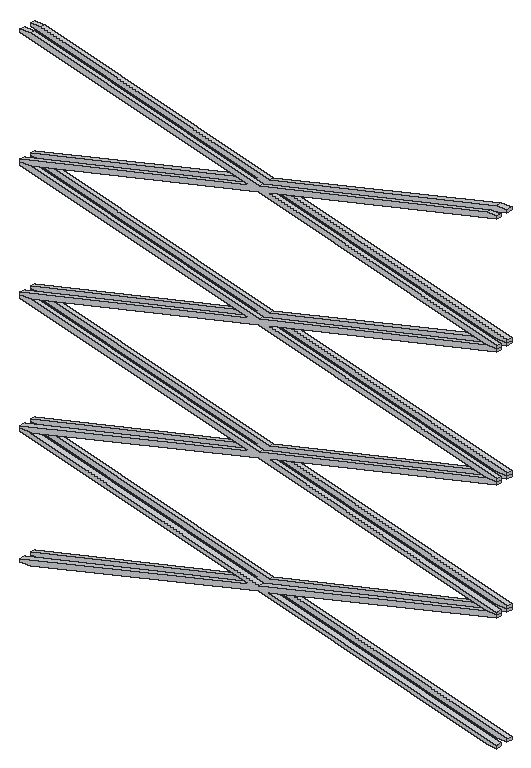
Revit family "M_Padrão do montante_diamante_4x1", category Modelos genéricos, Revit 2019
Family settings
  Pode hospedar o vergalhão = Não
  Cota do conector redondo = Utilizar diâmetro
  Tipo de parte = Normal
  Com base no plano de trabalho = Não
  Sempre na vertical = Sim
  Corte com vazios quando carregada = Não
  Compartilhado = Sim
  Ponto de cálculo do ambiente = Não
Parameters
  Largura [instance] = 1200 mm
  Espessura = 12.7 mm
  Altura [instance] = 1200 mm
  Material interior [instance] = none
  Material externo [instance] = none
  Distância = 19.05 mm
Reference planes
  plane 1 "Centro (Frente/Trás)": y = 0
  plane 2: z = 0
  plane 3 "Centro (Esquerda/Direita)": x = 0
  plane 4: z = 1200
  plane 5: x = -600
  plane 6: x = 600
  plane 7: z = 600
  plane 8: z = 900
  plane 9: z = 300
Dimensions and locks
  equal spacing: plane 6, plane 3 "Centro (Esquerda/Direita)", plane 5
  "Largura": plane 6 to plane 5
  "Altura": plane 4 to plane 2
  equal spacing: plane 4, plane 8, plane 7, plane 9, plane 2
  aligned and locked: plane 2 to level
  aligned and locked: plane 1 "Centro (Frente/Trás)" to nested 1
  aligned and locked: plane 1 "Centro (Frente/Trás)" to nested 2
  aligned and locked: plane 1 "Centro (Frente/Trás)" to nested 3
  aligned and locked: plane 1 "Centro (Frente/Trás)" to nested 4
  aligned and locked: plane 4 to nested 1
  aligned and locked: plane 8 to nested 1
  aligned and locked: plane 8 to nested 3
  aligned and locked: plane 7 to nested 3
  aligned and locked: plane 7 to nested 2
  aligned and locked: plane 9 to nested 2
  aligned and locked: plane 9 to nested 4
  aligned and locked: plane 2 to nested 4
  aligned and locked: plane 6 to nested 1
  aligned and locked: plane 6 to nested 3
  aligned and locked: plane 6 to nested 2
  aligned and locked: plane 5 to nested 1
  aligned and locked: plane 5 to nested 3
  aligned and locked: plane 5 to nested 2
  aligned and locked: plane 5 to nested 4
  aligned and locked: plane 6 to nested 4
Nested families
  nested 1: "M_Padrão do montante_diamante" at (0, 0, 900), Material externo <- "Material externo", Material interior <- "Material interior", type "M_Padrão do montante_diamante"
    with W 1200 mm, Material interior none, H 300 mm, Material externo none
  nested 2: "M_Padrão do montante_diamante" at (0, 0, 300), Material externo <- "Material externo", Material interior <- "Material interior", type "M_Padrão do montante_diamante"
    with W 1200 mm, Material interior none, H 300 mm, Material externo none
  nested 3: "M_Padrão do montante_diamante" at (0, 0, 600), Material externo <- "Material externo", Material interior <- "Material interior", type "M_Padrão do montante_diamante"
    with W 1200 mm, Material interior none, H 300 mm, Material externo none
  nested 4: "M_Padrão do montante_diamante" at (0, 0, 0), Material externo <- "Material externo", Material interior <- "Material interior", type "M_Padrão do montante_diamante"
    with W 1200 mm, Material interior none, H 300 mm, Material externo none
Definition of nested family "M_Padrão do montante_diamante"
  Parameters (values of type "M_Padrão do montante_diamante")
    W [instance] = 1200 mm
    Espessura = 12.7 mm
    H [instance] = 1200 mm
    Material interior [instance] = none
    Distância = 19.05 mm
    Material externo [instance] = none
  Reference planes
    plane 1 "Centro (Frente/Trás)": y = 0
    plane 2: z = 0
    plane 3 "Centro (Esquerda/Direita)": x = 0
    plane 4: z = 1200
    plane 5: x = -600
    plane 6: x = 600
    plane 7: z = 600
    plane 8: y = 9.525
    plane 9: y = -9.525
    plane 10: y = 22.225
    plane 11: y = -22.225
  Forms (mm)
    Extrusion 1, solid, material <- "Material externo", detail levels fine
      sketch origin (-600, 0, 1200) x (0.707107, 0, -0.707107) y (0.707107, 0, 0.707107)
        loop
          line (0, 6.35) -> (0, -6.35) -> (1697.056, -6.35) -> (1697.056, 6.35) -> (0, 6.35)
      from -22.225 to -9.525
    Extrusion 2, solid, material <- "Material externo", detail levels fine
      sketch origin (600, 0, 1200) x (-0.707107, 0, -0.707107) y (0.707107, 0, -0.707107)
        loop
          line (1697.056, 6.35) -> (0, 6.35) -> (0, -6.35) -> (1697.056, -6.35) -> (1697.056, 6.35)
      from -22.225 to -9.525
    Extrusion 3, void
      sketch origin (0, 0, 0) x (1, 0, 0) y (0, 0, 1)
        loop
          line (-600, 1200) -> (-600, 0) -> (600, 0) -> (600, 1200) -> (-600, 1200)
        loop
          line (-612.7, 1212.7) -> (-612.7, -12.7) -> (612.7, -12.7) -> (612.7, 1212.7) -> (-612.7, 1212.7)
      from -22.225 to 22.225
    Extrusion 4, solid, material <- "Material interior", detail levels fine
      sketch origin (-600, 0, 1200) x (0.707107, 0, -0.707107) y (0.707107, 0, 0.707107)
        loop
          line (0, 6.35) -> (0, -6.35) -> (1697.056, -6.35) -> (1697.056, 6.35) -> (0, 6.35)
      from 9.525 to 22.225
    Extrusion 5, solid, material <- "Material interior", detail levels fine
      sketch origin (600, 0, 1200) x (-0.707107, 0, -0.707107) y (0.707107, 0, -0.707107)
        loop
          line (0, -6.35) -> (1697.056, -6.35) -> (1697.056, 6.35) -> (0, 6.35) -> (0, -6.35)
      from 9.525 to 22.225
  Cuts and joins
    Extrusion 3 cuts Extrusion 1
    Extrusion 3 cuts Extrusion 2
    joined: Extrusion 1, Extrusion 2
    Extrusion 3 cuts Extrusion 4
    Extrusion 3 cuts Extrusion 5
    joined: Extrusion 4, Extrusion 5
  Lines and regions (mm)
    reference lines
      curve 1: line (-600, 0, 1200) -> (600, 0, 0)
      curve 2: line (600, 0, 1200) -> (-600, 0, 0)
      curve 3: line (-600, 0, 1200) -> (-447.336, 0, 1352.664)
      curve 4: line (600, 0, 0) -> (793.076, 0, 193.076)
      curve 5: line (-529.006, 0, 1120.026) -> (416.643, 0, 174.377)
      curve 6: line (-520.026, 0, 1129.006) -> (425.623, 0, 183.357)
      curve 7: line (600, 0, 1200) -> (469.786, 0, 1330.214)
      curve 8: line (-600, 0, 0) -> (-707.763, 0, 107.763)
      curve 9: line (-595.51, 0, -4.49) -> (557.214, 0, 1148.233)
      curve 10: line (-604.49, 0, 4.49) -> (548.233, 0, 1157.214)
    model lines, detail levels medium
      curve 11: line (600, 9.525, 0) -> (-600, 9.525, 1200)
      curve 12: line (600, 9.525, 1200) -> (-600, 9.525, 0)
      curve 13: line (600, -9.525, 0) -> (-600, -9.525, 1200)
      curve 14: line (600, -9.525, 1200) -> (-600, -9.525, 0)
  Dimensions and locks
    equal spacing: plane 6, plane 3 "Centro (Esquerda/Direita)", plane 5
    "W": plane 6 to plane 5
    "H": plane 4 to plane 2
    equal spacing: plane 4, plane 7, plane 2
    equal spacing: curve 5, curve 1, curve 6
    "Espessura": curve 5 to curve 6
    equal spacing: curve 9, curve 2, curve 10
    "Espessura": curve 9 to curve 10
    "Espessura": Extrusion 3 sketch curve to plane 6
    "Espessura": plane 2 to Extrusion 3 sketch curve
    "Espessura": plane 5 to Extrusion 3 sketch curve
    "Espessura": Extrusion 3 sketch curve to plane 4
    "Distância": plane 8 to plane 9
    equal spacing: plane 8, plane 1 "Centro (Frente/Trás)", plane 9
    "Espessura": plane 10 to plane 8
    "Espessura": plane 9 to plane 11
    locked: curve 1 to curve 3 (angle 90.00°)
    locked: curve 4 to curve 1 (angle 90.00°)
    locked: curve 7 to curve 2 (angle 90.00°)
    locked: curve 2 to curve 8 (angle 90.00°)
    aligned and locked: plane 2 to level
    aligned and locked: plane 4 to curve 1
    aligned and locked: plane 5 to curve 1
    aligned and locked: plane 2 to curve 2
    aligned and locked: plane 5 to curve 2
    aligned and locked: plane 6 to curve 1
    aligned and locked: plane 2 to curve 1
    aligned and locked: plane 6 to curve 2
    aligned and locked: plane 4 to curve 2
    aligned and locked: plane 4 to curve 3
    aligned and locked: plane 5 to curve 3
    aligned and locked: plane 6 to curve 4
    aligned and locked: plane 2 to curve 4
    aligned and locked: Extrusion 1 sketch curve to curve 5
    aligned and locked: Extrusion 1 sketch curve to curve 3
    aligned and locked: Extrusion 1 sketch curve to curve 6
    aligned and locked: curve 6 to Extrusion 1 sketch curve
    aligned and locked: curve 5 to Extrusion 1 sketch curve
    aligned and locked: Extrusion 1 sketch curve to curve 4
    aligned and locked: curve 4 to Extrusion 1 sketch curve
    aligned and locked: plane 5 to curve 8
    aligned and locked: plane 2 to curve 8
    aligned and locked: plane 6 to curve 7
    aligned and locked: plane 4 to curve 7
    aligned and locked: Extrusion 2 sketch curve to curve 10  (x2)
    aligned and locked: Extrusion 2 sketch curve to curve 8  (x2)
    aligned and locked: curve 9 to Extrusion 2 sketch curve  (x2)
    aligned and locked: curve 7 to Extrusion 2 sketch curve
    aligned and locked: plane 5 to Extrusion 3 sketch curve
    aligned and locked: Extrusion 3 sketch curve to plane 4
    aligned and locked: Extrusion 3 sketch curve to plane 6
    aligned and locked: plane 2 to Extrusion 3 sketch curve
    aligned and locked: plane 10 to cut or joined group of Extrusion 1, Extrusion 2, Extrusion 3  (x2)
    aligned and locked: cut or joined group of Extrusion 1, Extrusion 2, Extrusion 3 to plane 8  (x2)
    aligned and locked: plane 10 to Extrusion 3
    aligned and locked: Extrusion 3 to plane 11
    aligned and locked: curve 3 to Extrusion 4 sketch curve
    aligned and locked: Extrusion 4 sketch curve to curve 3
    aligned and locked: Extrusion 4 sketch curve to curve 6
    aligned and locked: Extrusion 4 sketch curve to curve 5
    aligned and locked: Extrusion 4 sketch curve to curve 4
    aligned and locked: curve 6 to Extrusion 4 sketch curve
    aligned and locked: curve 5 to Extrusion 4 sketch curve
    aligned and locked: Extrusion 5 sketch curve to curve 9
    aligned and locked: Extrusion 5 sketch curve to curve 10
    aligned and locked: Extrusion 5 sketch curve to curve 7  (x2)
    aligned and locked: Extrusion 5 sketch curve to curve 8  (x2)
    aligned and locked: curve 9 to Extrusion 5 sketch curve
    aligned and locked: curve 10 to Extrusion 5 sketch curve
    aligned and locked: Extrusion 4 to plane 11
    aligned and locked: Extrusion 5 to plane 11
    aligned and locked: plane 9 to Extrusion 4
    aligned and locked: plane 9 to Extrusion 5
    aligned and locked: plane 2 to curve 11
    aligned and locked: plane 6 to curve 11
    aligned and locked: plane 5 to curve 11
    aligned and locked: plane 4 to curve 11
    aligned and locked: plane 5 to curve 12
    aligned and locked: plane 2 to curve 12
    aligned and locked: plane 4 to curve 12
    aligned and locked: plane 6 to curve 12
    aligned and locked: plane 2 to curve 13
    aligned and locked: plane 6 to curve 13
    aligned and locked: plane 4 to curve 14
    aligned and locked: plane 6 to curve 14
    aligned and locked: plane 4 to curve 13
    aligned and locked: plane 5 to curve 13
    aligned and locked: plane 2 to curve 14
    aligned and locked: plane 5 to curve 14
  Automatic sketch dimensions
    curve 1 to curve 6 = 106.751 mm
    curve 1 to curve 5 = 106.751 mm
    curve 5 to curve 1 = 252.956 mm
    curve 6 to curve 5 = 0 mm
    curve 2 to curve 9 = 0 mm
    curve 2 to curve 9 = 66.859 mm
    curve 2 to curve 10 = 66.859 mm
